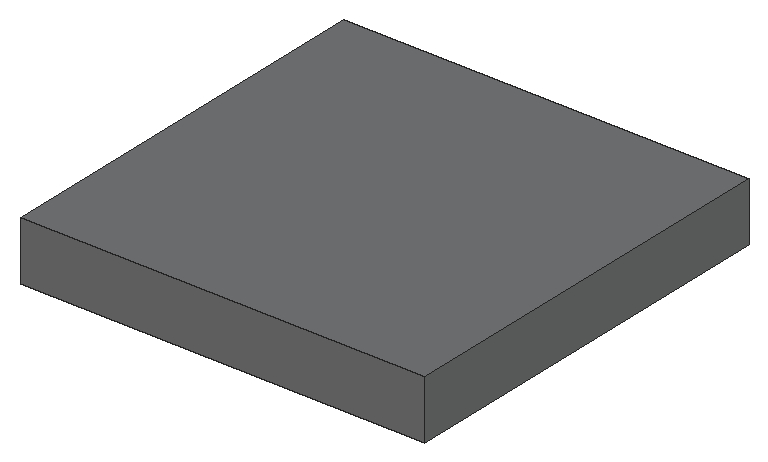
Revit family "Gira_028527", category Electrical Fixtures, host Face, Revit 2017
Family settings
  Host = Face
  Maintain Annotation Orientation = No
  Round Connector Dimension = Use Diameter
  Part Type = Normal
  Cut with Voids When Loaded = No
  Shared = No
  Room Calculation Point = No
Parameters (values of type "Rocker sym.light System 55 p.white m")
  With exchangeable lens/symbol = "No"
  URL = "http://katalog.gira.de/en/datenblatt.html?artikelnr=028527"
  Suitable for touch sensor connector for bus system = "No"
  Scannable symbol / barrier free = "No"
  Name = "Rocker sym.light System 55 p.white m"
  Monitoring window/light outlet = "No"
  Model = "Single rocker"
  Manufacturer URL = "https://www.gira.de/"
  Manufacturer = "Gira"
  Keynote = ""
  HeinzeBIM = "https://bimportal.heinze.de/bim/rocker-sym-light-system-55-p-white-m/813743f05b1ae569b0e54909fcb0600ad873e510"
  HAN = "028527"
  GTIN = "4010337285274"
  Description = "Rock.sym.light Sys55 PWm,Rocker with symbol,Light,pure white matt,"
  Default Elevation = 1219.2 mm
  Data sheet (1) = "https://katalog.gira.de/en/download.html?artikelnr=028527"
  Category = "Control element/cover plate for domestic switching devices"
  BIM (1) = "https://media.stage.bim.site/public/gira/36a6b08/Sys55_Abdeckung_Schalten und Tasten.rfa?public/gira/36a6b08/Sys55_Abdeckung_Schalten und Tasten.rfa"
  Available = "No"
  Anthrazit [instance] = Anthrazit
Reference planes
  plane 1 "Center (Front/Back)": y = 0
  plane 2: z = 0
  plane 3 "Center (Left/Right)": x = 0
Forms (mm)
  Extrusion 1, solid, material "Anthrazit" <- "Anthrazit", detail levels fine
    sketch origin (0, 0, 0) x (1, 0, 0) y (0, 1, 0)
      loop
        line (-27.5, 27.5) -> (-27.5, -27.5) -> (27.5, -27.5) -> (27.5, 27.5) -> (-27.5, 27.5)
    from 0 to 8
  Extrusion 2, void
    sketch origin (0, 0, 0) x (1, 0, 0) y (0, 1, 0)
      loop
        line (26, 26) -> (-26, 26) -> (-26, -26) -> (26, -26) -> (26, 26)
    from 0 to 6
  Extrusion 3, solid, material "Anthrazit" <- "Anthrazit", detail levels medium
    sketch origin (0, 0, 0) x (1, 0, 0) y (0, 1, 0)
      loop
        line (-27.5, 27.5) -> (-27.5, -27.5) -> (27.5, -27.5) -> (27.5, 27.5) -> (-27.5, 27.5)
    from 0 to 8
  Extrusion 4, solid, material "Anthrazit" <- "Anthrazit", detail levels medium
    sketch origin (0, 0, 0) x (1, 0, 0) y (0, 1, 0)
      loop
        line (11, -17.5) -> (11, 17.5) -> (-11, 17.5) -> (-11, -17.5) -> (11, -17.5)
    from -6 to 6
  Extrusion 5, solid, material "Anthrazit" <- "Anthrazit", detail levels fine
    sketch origin (0, 0, 0) x (1, 0, 0) y (0, 1, 0)
      loop
        line (11, 17.5) -> (-11, 17.5) -> (-11, 16.5) -> (11, 16.5) -> (11, 17.5)
      loop
        line (-11, -16.5) -> (-11, -17.5) -> (11, -17.5) -> (11, -16.5) -> (-11, -16.5)
    from -4 to 6
  Extrusion 6, solid, material "Anthrazit" <- "Anthrazit", detail levels fine
    sketch origin (0, 0, 0) x (1, 0, 0) y (0, 1, 0)
      loop
        arc (5, 9.347) -> (0, 10.6) -> (-5, 9.347) r 10.6
        line (-5, 9.347) -> (-5, -9.347)
        arc (-5, -9.347) -> (0, -10.6) -> (5, -9.347) r 10.6
        line (5, -9.347) -> (5, 9.347)
    from -6 to 6
  Extrusion 7, solid, material "Anthrazit" <- "Anthrazit", detail levels coarse
    sketch origin (0, 0, 0) x (1, 0, 0) y (0, 1, 0)
      loop
        line (-27.5, 27.5) -> (-27.5, -27.5) -> (27.5, -27.5) -> (27.5, 27.5) -> (-27.5, 27.5)
    from -6 to 8
Cuts and joins
  Extrusion 2 cuts Extrusion 1
Dimensions and locks
  aligned and locked: plane 2 to host face
  aligned and locked: level to host face
